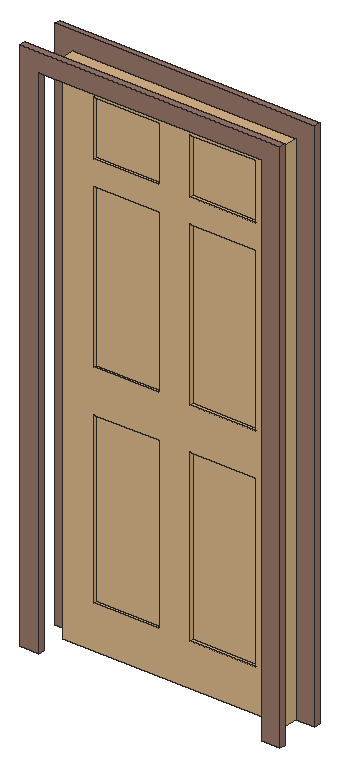
Revit family
Parameters (values of type "0915 x 2134mm")
  Thickness = 51.00 mm
  문 재료 = 문 - 패널
  프레임 재료 = 문 - 프레임
  Height = 2134.00 mm
  난간 폭 - 하단 = 175.00 mm
  난간 폭 - 중심 = 175.00 mm
  난간 폭 - 상단 = 100.00 mm
  선틀 폭 = 125.00 mm
  자르기 투영 외부 = 25.00 mm
  자르기 투영 내부 = 25.00 mm
  자르기 폭 = 76.00 mm
  Wall Closure = (empty or 0)
  Width = 915.00 mm
Types (7, lengths in mm): name | Height | Width
  0915 x 2134mm | 2134.00 | 915.00
  0864 x 2134mm | 2134.00 | 864.00
  0813 x 2134mm | 2134.00 | 813.00
  0762 x 2134mm | 2134.00 | 762.00
  0762 x 2032mm | 2032.00 | 762.00
  0915 x 2032mm | 2032.00 | 915.00
  0864 x 2032mm | 2032.00 | 864.00
Reference planes
  plane 1: y = 0
  plane 2: z = 0
  plane 3: x = 0
  plane 4: x = -457.5
  plane 5: x = 457.5
  plane 6: z = 2134
  plane 7: z = 2034
  plane 8: z = 1805.4
  plane 9: z = 1705.4
  plane 10: z = 1041.4
  plane 11: z = 866.4
  plane 12: z = 175
  plane 13: x = -332.5
  plane 14: x = 332.5
  plane 15: x = -62.5
  plane 16: x = 62.5
  plane 17: y = -76.2
Forms (mm)
  Extrusion 1, solid, material "문 - 패널" <- "문 재료"
    sketch origin (-1524, -76.2, 0) x (1, 0, 0) y (0, 0, 1)
      loop
        line (1066.5, 2134) -> (1066.5, 0) -> (1981.5, 0) -> (1981.5, 2134) -> (1066.5, 2134)
      loop
        line (1191.5, 2034) -> (1191.5, 1805.4) -> (1461.5, 1805.4) -> (1461.5, 2034) -> (1191.5, 2034)
      loop
        line (1586.5, 2034) -> (1586.5, 1805.4) -> (1856.5, 1805.4) -> (1856.5, 2034) -> (1586.5, 2034)
      loop
        line (1191.5, 1705.4) -> (1191.5, 1041.4) -> (1461.5, 1041.4) -> (1461.5, 1705.4) -> (1191.5, 1705.4)
      loop
        line (1586.5, 1705.4) -> (1586.5, 1041.4) -> (1856.5, 1041.4) -> (1856.5, 1705.4) -> (1586.5, 1705.4)
      loop
        line (1191.5, 866.4) -> (1191.5, 175) -> (1461.5, 175) -> (1461.5, 866.4) -> (1191.5, 866.4)
      loop
        line (1586.5, 866.4) -> (1586.5, 175) -> (1856.5, 175) -> (1856.5, 866.4) -> (1586.5, 866.4)
    from -152.4 to -101.4
  Extrusion 2, solid, material "문 - 패널" <- "문 재료"
    sketch origin (-1524, 25.2, 0) x (1, 0, 0) y (0, 0, 1)
      loop
        line (1191.5, 2034) -> (1191.5, 1805.4) -> (1461.5, 1805.4) -> (1461.5, 2034) -> (1191.5, 2034)
      loop
        line (1586.5, 2034) -> (1586.5, 1805.4) -> (1856.5, 1805.4) -> (1856.5, 2034) -> (1586.5, 2034)
      loop
        line (1191.5, 1705.4) -> (1191.5, 1041.4) -> (1461.5, 1041.4) -> (1461.5, 1705.4) -> (1191.5, 1705.4)
      loop
        line (1586.5, 1705.4) -> (1586.5, 1041.4) -> (1856.5, 1041.4) -> (1856.5, 1705.4) -> (1586.5, 1705.4)
      loop
        line (1191.5, 866.4) -> (1191.5, 175) -> (1461.5, 175) -> (1461.5, 866.4) -> (1191.5, 866.4)
      loop
        line (1586.5, 866.4) -> (1586.5, 175) -> (1856.5, 175) -> (1856.5, 866.4) -> (1586.5, 866.4)
    from -38.3 to -12.7
  Extrusion 3, solid, material "문 - 프레임" <- "프레임 재료"
    sketch origin (-1524, 76.2, 0) x (-1, 0, 0) y (0, 0, 1)
      loop
        line (-1981.5, 0) -> (-1981.5, 2134) -> (-1066.5, 2134) -> (-1066.5, 0) -> (-990.5, 0) -> (-990.5, 2210) -> (-2057.5, 2210) -> (-2057.5, 0) -> (-1981.5, 0)
    from 0.4 to 25.4
  Extrusion 4, solid, material "문 - 프레임" <- "프레임 재료"
    sketch origin (0, -76.2, 0) x (0, 0, -1) y (-1, 0, 0)
      loop
        line (0, 457.5) -> (0, 533.5) -> (-2210, 533.5) -> (-2210, -533.5) -> (0, -533.5) -> (0, -457.5) -> (-2134, -457.5) -> (-2134, 457.5) -> (0, 457.5)
    from 0 to -25
Lines and regions (mm)
  Opening 1
    outline origin (-1524, -76.2, 3657.6) x (0, 0, -1) y (1, 0, 0)
      loop
        line (1523.6, 1066.5) -> (3657.6, 1066.5) -> (3657.6, 1981.5) -> (1523.6, 1981.5) -> (1523.6, 1066.5)
  symbolic lines, style "DoorsPanelProjection"
    curve 1: line (457.5, 76.2, 0) -> (406.5, 76.2, 0)
    curve 2: line (457.5, 76.2, 0) -> (457.5, 991.273, 0)
    curve 3: line (457.5, 991.273, 0) -> (406.5, 991.273, 0)
    curve 4: line (406.5, 76.2, 0) -> (406.5, 991.273, 0)
  model lines, style "DoorsFrameMullionProjection"
    curve 5: line (-533.5, -76.2, 0) -> (-533.5, -76.2, 2210)
    curve 6: line (-533.5, -76.2, 2210) -> (533.5, -76.2, 2210)
    curve 7: line (533.5, -76.2, 2210) -> (533.5, -76.2, 0)
    curve 8: line (533.5, 76.2, 0) -> (533.5, 76.2, 2210)
    curve 9: line (-533.5, 76.2, 2210) -> (533.5, 76.2, 2210)
    curve 10: line (-533.5, 76.2, 2210) -> (-533.5, 76.2, 0)
  symbolic lines, style "평면 스윙"
    curve 11: arc (406.5, 991.273, 0) -> (-208.345, 705.969, 0) -> (-458.993, 76.2, 0) r 916.493
  symbolic lines, style "입면도 스윙"
    curve 12: line (-457.5, 0, 2134) -> (457.5, 0, 1067)
    curve 13: line (457.5, 0, 1067) -> (-457.5, 0, 0)
Dimensions and locks
  equal spacing: plane 4, plane 3, plane 5
  "Width": plane 4 to plane 5
  locked: host wall to curve 1
  control icon elem to plane 5 = 260.00 mm
  "Height": plane 6 to plane 2
  "자르기 폭": plane 4 to curve 5
  "자르기 폭": plane 5 to curve 7
  "자르기 폭": plane 6 to curve 6
  locked: curve 9 to host wall
  "난간 폭 - 하단": plane 12 to host wall
  "난간 폭 - 중심": plane 10 to plane 11
  "난간 폭 - 상단": plane 8 to plane 9
  "난간 폭 - 상단": plane 6 to plane 7
  "선틀 폭": plane 4 to plane 13
  "선틀 폭": plane 14 to plane 5
  locked: plane 7 to plane 8 at 228.6
  "Thickness": Extrusion 1 to Extrusion 1
  "자르기 투영 외부": Extrusion 3 to Extrusion 3
  "자르기 투영 내부": plane 17 to Extrusion 4
  equal spacing: plane 15, plane 3, plane 16
  "선틀 폭": plane 15 to plane 16
  "Thickness": curve 4 to plane 5
  locked: Extrusion 1 to Extrusion 2 at 12.7
  locked: host wall to Extrusion 2 at 12.7
  equal spacing: plane 6, curve 13, level
  aligned and locked: plane 2 to curve 5
  aligned and locked: curve 7 to level
  aligned and locked: curve 8 to curve 7
  aligned and locked: plane 4 to Extrusion 1 sketch curve
  aligned and locked: plane 6 to Extrusion 1 sketch curve
  aligned and locked: Extrusion 1 sketch curve to curve 1
  aligned and locked: plane 5 to Extrusion 1 sketch curve
  aligned and locked: plane 13 to Extrusion 1 sketch curve  (x3)
  aligned and locked: plane 7 to Extrusion 1 sketch curve  (x2)
  aligned and locked: plane 8 to Extrusion 1 sketch curve  (x2)
  aligned and locked: plane 15 to Extrusion 1 sketch curve  (x3)
  aligned and locked: plane 16 to Extrusion 1 sketch curve  (x3)
  aligned and locked: plane 14 to Extrusion 1 sketch curve  (x3)
  aligned and locked: plane 9 to Extrusion 1 sketch curve  (x2)
  aligned and locked: plane 10 to Extrusion 1 sketch curve  (x2)
  aligned and locked: plane 11 to Extrusion 1 sketch curve  (x2)
  aligned and locked: plane 12 to Extrusion 1 sketch curve  (x2)
  aligned and locked: Extrusion 2 sketch curve to Extrusion 1  (x24)
  aligned and locked: host wall to Extrusion 1
  aligned and locked: plane 17 to host wall
  aligned and locked: curve 6 to Extrusion 4 sketch curve
  aligned and locked: Extrusion 4 sketch curve to curve 5
  aligned and locked: Extrusion 4 sketch curve to curve 7
  aligned and locked: Extrusion 3 sketch curve to curve 6
  aligned and locked: Extrusion 3 sketch curve to curve 7
  aligned and locked: Extrusion 3 sketch curve to curve 5
Automatic sketch dimensions
  Opening 1 sketch curve to plane 6 = 0.00 mm
  Opening 1 sketch curve to level = 0.00 mm
  Opening 1 sketch curve to plane 4 = 0.00 mm
  Opening 1 sketch curve to plane 5 = 0.00 mm
  Extrusion 3 sketch curve to level = 0.00 mm  (x2)
  Extrusion 3 sketch curve to plane 5 = 0.00 mm
  Extrusion 3 sketch curve to plane 4 = 0.00 mm
  Extrusion 3 sketch curve to plane 6 = 0.00 mm
  Extrusion 4 sketch curve to plane 4 = 0.00 mm
  Extrusion 4 sketch curve to plane 6 = 0.00 mm
  Extrusion 4 sketch curve to level = 0.00 mm  (x2)
  Extrusion 4 sketch curve to plane 5 = 0.00 mm
  curve 1 to plane 5 = 0.00 mm
  curve 11 to plane 5 = 0.00 mm
  plane 4 to curve 11 = 1.493 mm
  curve 11 to host wall = 0.00 mm
  curve 12 to plane 4 = 0.00 mm
  curve 12 to plane 6 = 0.00 mm
  curve 12 to plane 5 = 0.00 mm
  curve 10 to level = 0.00 mm
  curve 8 to level = 0.00 mm
  curve 13 to level = 0.00 mm
  curve 13 to plane 4 = 0.00 mm
  curve 9 to curve 5 = 0.00 mm
  curve 10 to curve 5 = 0.00 mm
